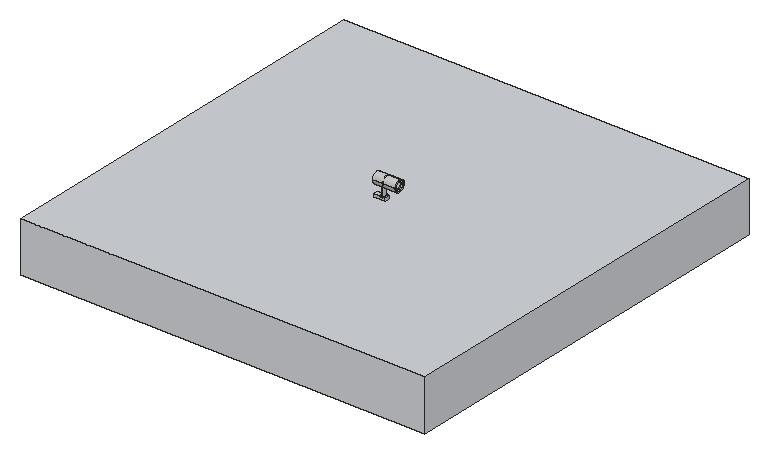
Revit family "LAMP_HANCE TRACK FLOOD", category Modelos genéricos, Revit 2015
Parameters (values of type "639LM 3000 BLACK")
  Weight = 0.47 kg
  Type = "COB PHILIPS"
  Total height = 190 mm
  Tilting angle [instance] = 90.00°
  Tilting [instance] = if(Tilting angle < 0.00°, 0.00°, if(Tilting angle > 90.00°, 90.00°, Tilting angle))  # 90.00°
  Rotation angle [instance] = 0.00°
  Rotation [instance] = if(Rotation angle < 0.00°, 90.00°, if(Rotation angle > 355.00°, 85.00°, Rotation angle + 90.00°))  # 90.00°
  Protection rating = "IP20"
  Profundidad tija = if(Longitud cuerpo = 210 mm, 18 mm, 8.2 mm)  # 8.2 mm
  Product datasheet = "http://www.lamp.es/product-files/TECH/HS1TK10FL830NBB-EN.pdf"
  Product code = "HS1TK10FL830NBB"
  Product URL = "http://www.lamp.es/en/family/hance_173901"
  Power Supply = "220-240V 50-60Hz"
  Power = 7 W
  Plum = 8.2 W
  Photometric web file = Cuerpo Hance TRACK FLOOD (tilting) : 639LM 3000 BLACK
  Modelo = Product code  # "HS1TK10FL830NBB"
  Model explanation = "Availability of tilting between 0º and 90º, rotation between 0º and 355º and change ring color when placed in a project."
  Material track = LAMP_Aluminio Hance Negro
  Material tija = LAMP_Aluminio Hance Negro
  Manufacturer name = "LAMP"
  Manufacturer country = "Spain"
  Manufacturer URL = "http://www.lamp.es/en"
  MacAdam = "3"
  Luminaire type = "Indoor - Spotlight"
  Longitud cuerpo = 135 mm
  Longitud aro = if(Longitud cuerpo = 135 mm, 63.6 mm, if(Longitud cuerpo = 170 mm, 98.6 mm, 138.6 mm))  # 63.6 mm
  Last update = "08/08/2018"
  Lamp = "COB LED"
  LED Lifetime = "50.000 L90 B10"
  Insulation class = "I"
  Installation instructions = "http://www.lamp.es/product-files/INS/1004280-A-INSTR.%20MONT%20HANCE%20TRACK220-SUR-REC.pdf"
  Initial intensity = 639 lm
  Initial color = 3000 K
  IEE = "A+"
  Gear = "Electronic"
  Finish = "Texturised black"
  Fabricante = Manufacturer name  # "LAMP"
  Default Elevation = 1219.2 mm
  Efficacy = 77.9 lm/W
  Diameter = 65 mm
  Descripción = "HANCE TRACK 220 1000 WW FL BK."
  Decorative ring [instance] = Aro decorativo (tilting) : Black
  Comentarios de tipo = Model explanation  # "Availability of tilting between 0º and 90º, rotation between 0º and 355º and change ring color when placed in a project."
  CRI = "80"
  Body height = 135 mm
  Angulo aro [instance] = if(Tilting = 90.00°, 90.00°, -Tilting + 180.00°)  # 90.00°
  Anchura tija = if(Longitud cuerpo = 210 mm, 28 mm, 23 mm)  # 23 mm
  Altura tija = if(Longitud cuerpo = 210 mm, 49 mm, 63 mm)  # 63 mm
Types (17, lengths in mm): name | Weight | Total height | Profundidad tija | Product datasheet | Product code | Power | Plum | Photometric web file | Modelo | Material track | Material tija | Longitud cuerpo | Longitud aro | LED Lifetime | Initial intensity | Initial color | IEE | Finish | Efficacy | Diameter | Descripción | Body height | Anchura tija | Altura tija
  (no name) | 0.47 kg | 190 | 8.2 | "http://www.lamp.es/product-files/TECH/HS1TK10FL830NBB-EN.pdf" | "HS1TK10FL830NBB" | 7 W | 8.2 W | Cuerpo Hance TRACK FLOOD (tilting) : 639LM 3000 BLACK | "HS1TK10FL830NBB" | LAMP_Aluminio Hance Negro | LAMP_Aluminio Hance Negro | 135 | 63.6 | "50.000 L90 B10" | 639 lm | 3000 K | "A+" | "Texturised black" | 77.9 lm/W | 65 | "HANCE TRACK 220 1000 WW FL BK." | 135 | 23 | 63
  639LM 3000 BLACK | 0.47 kg | 190 | 8.2 | "http://www.lamp.es/product-files/TECH/HS1TK10FL830NBB-EN.pdf" | "HS1TK10FL830NBB" | 7 W | 8.2 W | Cuerpo Hance TRACK FLOOD (tilting) : 639LM 3000 BLACK | "HS1TK10FL830NBB" | LAMP_Aluminio Hance Negro | LAMP_Aluminio Hance Negro | 135 | 63.6 | "50.000 L90 B10" | 639 lm | 3000 K | "A+" | "Texturised black" | 77.9 lm/W | 65 | "HANCE TRACK 220 1000 WW FL BK." | 135 | 23 | 63
  639LM 3000 WHITE | 0.47 kg | 190 | 8.2 | "http://www.lamp.es/product-files/TECH/HS1TK10FL830NBW-EN.pdf" | "HS1TK10FL830NBW" | 7 W | 8.2 W | Cuerpo Hance TRACK FLOOD (tilting) : 639LM 3000 WHITE | "HS1TK10FL830NBW" | LAMP_Aluminio Hance Blanco | LAMP_Aluminio Hance Blanco | 135 | 63.6 | "50.000 L90 B10" | 639 lm | 3000 K | "A+" | "Texturised matt white" | 77.9 lm/W | 65 | "HANCE TRACK 220 1000 WW FL WH." | 135 | 23 | 63
  675LM 4000 BLACK | 0.47 kg | 190 | 8.2 | "http://www.lamp.es/product-files/TECH/HS1TK10FL840NBB-EN.pdf" | "HS1TK10FL840NBB" | 7 W | 8.2 W | Cuerpo Hance TRACK FLOOD (tilting) : 675LM 4000 BLACK | "HS1TK10FL840NBB" | LAMP_Aluminio Hance Negro | LAMP_Aluminio Hance Negro | 135 | 63.6 | "50.000 L90 B10" | 675 lm | 4000 K | "A+" | "Texturised black" | 82.32 lm/W | 65 | "HANCE TRACK 220 1000 NW FL BK." | 135 | 23 | 63
  675LM 4000 WHITE | 0.47 kg | 190 | 8.2 | "http://www.lamp.es/product-files/TECH/HS1TK10FL840NBW-EN.pdf" | "HS1TK10FL840NBW" | 7 W | 8.2 W | Cuerpo Hance TRACK FLOOD (tilting) : 675LM 4000 WHITE | "HS1TK10FL840NBW" | LAMP_Aluminio Hance Blanco | LAMP_Aluminio Hance Blanco | 135 | 63.6 | "50.000 L90 B10" | 675 lm | 4000 K | "A+" | "Texturised matt white" | 82.32 lm/W | 65 | "HANCE TRACK 220 1000 NW FL WH." | 135 | 23 | 63
  1476LM 3000 BLACK | 0.65 kg | 225 | 8.2 | "http://www.lamp.es/product-files/TECH/HS1TK20FL830NBB-EN.pdf" | "HS1TK20FL830NBB" | 18 W | 21 W | Cuerpo Hance TRACK FLOOD (tilting) : 1476LM 3000 BLACK | "HS1TK20FL830NBB" | LAMP_Aluminio Hance Negro | LAMP_Aluminio Hance Negro | 170 | 98.6 | "50.000 L80 B10" | 1476 lm | 3000 K | "A" | "Texturised black" | 70.3 lm/W | 65 | "HANCE TRACK 220 2000 WW FL BK." | 170 | 23 | 63
  1476LM 3000 WHITE | 0.65 kg | 225 | 8.2 | "http://www.lamp.es/product-files/TECH/HS1TK20FL830NBW-EN.pdf" | "HS1TK20FL830NBW" | 18 W | 21 W | Cuerpo Hance TRACK FLOOD (tilting) : 1476LM 3000 WHITE | "HS1TK20FL830NBW" | LAMP_Aluminio Hance Blanco | LAMP_Aluminio Hance Blanco | 170 | 98.6 | "50.000 L80 B10" | 1476 lm | 3000 K | "A" | "Texturised matt white" | 70.3 lm/W | 65 | "HANCE TRACK 220 2000 WW FL WH." | 170 | 23 | 63
  1560LM 4000 BLACK | 0.65 kg | 225 | 8.2 | "http://www.lamp.es/product-files/TECH/HS1TK20FL840NBB-EN.pdf" | "HS1TK20FL840NBB\r\nHS1TK20FL840NBB" | 18 W | 21 W | Cuerpo Hance TRACK FLOOD (tilting) : 1560LM 4000 BLACK | "HS1TK20FL840NBB\r\nHS1TK20FL840NBB" | LAMP_Aluminio Hance Negro | LAMP_Aluminio Hance Negro | 170 | 98.6 | "50.000 L80 B10" | 1560 lm | 4000 K | "A" | "Texturised black" | 74.28 lm/W | 65 | "HANCE TRACK 220 2000 NW FL BK." | 170 | 23 | 63
  1560LM 4000 WHITE | 0.65 kg | 225 | 8.2 | "http://www.lamp.es/product-files/TECH/HS1TK20FL840NBW-EN.pdf" | "HS1TK20FL840NBW\r\nHS1TK20FL840NBB" | 18 W | 21 W | Cuerpo Hance TRACK FLOOD (tilting) : 1560LM 4000 WHITE | "HS1TK20FL840NBW\r\nHS1TK20FL840NBB" | LAMP_Aluminio Hance Blanco | LAMP_Aluminio Hance Blanco | 170 | 98.6 | "50.000 L80 B10" | 1560 lm | 4000 K | "A" | "Texturised matt white" | 74.28 lm/W | 65 | "HANCE TRACK 220 2000 NW FL WH." | 170 | 23 | 63
  2569LM 3000 BLACK | 1.35 kg | 266 | 18 | "http://www.lamp.es/product-files/TECH/HS1TK30FL830NBB-EN.pdf" | "HS1TK30FL830NBB" | 26 W | 28.6 W | Cuerpo Hance TRACK FLOOD (tilting) : 2569LM 3000 BLACK | "HS1TK30FL830NBB" | LAMP_Aluminio Hance Negro | LAMP_Aluminio Hance Negro | 210 | 138.6 | "50.000 L80 B10" | 2569 lm | 3000 K | "A+" | "Texturised black" | 89.83 lm/W | 90 | "HANCE TRACK 220 3000 WW FL BK." | 210 | 28 | 49
  2569LM 3000 WHITE | 1.35 kg | 266 | 18 | "http://www.lamp.es/product-files/TECH/HS1TK30FL830NBW-EN.pdf" | "HS1TK30FL830NBW" | 26 W | 28.6 W | Cuerpo Hance TRACK FLOOD (tilting) : 2569LM 3000 WHITE | "HS1TK30FL830NBW" | LAMP_Aluminio Hance Blanco | LAMP_Aluminio Hance Blanco | 210 | 138.6 | "50.000 L80 B10" | 2569 lm | 3000 K | "A+" | "Texturised matt white" | 89.83 lm/W | 90 | "HANCE TRACK 220 3000 WW FL WH." | 210 | 28 | 49
  2686LM 4000 BLACK | 1.35 kg | 266 | 18 | "http://www.lamp.es/product-files/TECH/HS1TK30FL840NBB-EN.pdf" | "HS1TK30FL840NBB" | 26 W | 28.6 W | Cuerpo Hance TRACK FLOOD (tilting) : 2686LM 4000 BLACK | "HS1TK30FL840NBB" | LAMP_Aluminio Hance Negro | LAMP_Aluminio Hance Negro | 210 | 138.6 | "50.000 L80 B10" | 2686 lm | 4000 K | "A+" | "Texturised black" | 93.92 lm/W | 90 | "HANCE TRACK 220 3000 NW FL BK." | 210 | 28 | 49
  2686LM 4000 WHITE | 1.35 kg | 266 | 18 | "http://www.lamp.es/product-files/TECH/HS1TK30FL840NBW-EN.pdf" | "HS1TK30FL840NBW" | 26 W | 28.6 W | Cuerpo Hance TRACK FLOOD (tilting) : 2686LM 4000 WHITE | "HS1TK30FL840NBW" | LAMP_Aluminio Hance Blanco | LAMP_Aluminio Hance Blanco | 210 | 138.6 | "50.000 L80 B10" | 2686 lm | 4000 K | "A+" | "Texturised matt white" | 93.92 lm/W | 90 | "HANCE TRACK 220 3000 NW FL WH." | 210 | 28 | 49
  3290LM 3000 BLACK | 1.35 kg | 266 | 18 | "http://www.lamp.es/product-files/TECH/HS1TK40FL830NBB-EN.pdf" | "HS1TK40FL830NBB" | 35 W | 39.5 W | Cuerpo Hance TRACK FLOOD (tilting) : 3290LM 3000 BLACK | "HS1TK40FL830NBB" | LAMP_Aluminio Hance Negro | LAMP_Aluminio Hance Negro | 210 | 138.6 | "50.000 L80 B10" | 3290 lm | 3000 K | "A+" | "Texturised black" | 83.3 lm/W | 90 | "HANCE TRACK 220 4000 WW FL BK." | 210 | 28 | 49
  3290LM 3000 WHITE | 1.35 kg | 266 | 18 | "http://www.lamp.es/product-files/TECH/HS1TK40FL830NBW-EN.pdf" | "HS1TK40FL830NBW" | 35 W | 39.5 W | Cuerpo Hance TRACK FLOOD (tilting) : 3290LM 3000 WHITE | "HS1TK40FL830NBW" | LAMP_Aluminio Hance Blanco | LAMP_Aluminio Hance Blanco | 210 | 138.6 | "50.000 L80 B10" | 3290 lm | 3000 K | "A+" | "Texturised matt white" | 83.3 lm/W | 90 | "HANCE TRACK 220 4000 WW FL WH." | 210 | 28 | 49
  3426LM 4000 BLACK | 1.35 kg | 266 | 18 | "http://www.lamp.es/product-files/TECH/HS1TK40FL840NBB-EN.pdf" | "HS1TK40FL840NBB" | 35 W | 39.5 W | Cuerpo Hance TRACK FLOOD (tilting) : 3426LM 4000 BLACK | "HS1TK40FL840NBB" | LAMP_Aluminio Hance Negro | LAMP_Aluminio Hance Negro | 210 | 138.6 | "50.000 L80 B10" | 3426 lm | 4000 K | "A+" | "Texturised black" | 86.73 lm/W | 90 | "HANCE TRACK 220 4000 NW FL BK." | 210 | 28 | 49
  3426LM 4000 WHITE | 1.35 kg | 266 | 18 | "http://www.lamp.es/product-files/TECH/HS1TK40FL840NBW-EN.pdf" | "HS1TK40FL840NBW" | 35 W | 39.5 W | Cuerpo Hance TRACK FLOOD (tilting) : 3426LM 4000 WHITE | "HS1TK40FL840NBW" | LAMP_Aluminio Hance Blanco | LAMP_Aluminio Hance Blanco | 210 | 138.6 | "50.000 L80 B10" | 3426 lm | 4000 K | "A+" | "Texturised matt white" | 86.73 lm/W | 90 | "HANCE TRACK 220 4000 NW FL WH." | 210 | 28 | 49
Reference planes
  plane 1 "Centro (Frontal/Posterior)": y = 0
  plane 2: z = 0
  plane 3 "Centro (Izquierda/Derecha)": x = 0
Forms (mm)
  Extrusion 1, solid
    sketch origin (0, 0, 0) x (1, 0, 0) y (0, 1, 0)
      loop
        line (-1219.2, 1219.2) -> (-1219.2, -1219.2) -> (1219.2, -1219.2) -> (1219.2, 1219.2) -> (-1219.2, 1219.2)
    from 0 to -304.8
  Extrusion 2, solid, material "LAMP_Aluminio Hance Negro" <- "Material track"
    sketch origin (-17.6, 0, 0) x (1, 0, 0) y (0, 1, 0)
      loop
        arc (-31.129, 16) -> (-35, 0) -> (-31.129, -16) r 35
        line (-31.129, -16) -> (31.129, -16)
        arc (31.129, -16) -> (35, 0) -> (31.129, 16) r 35
        line (31.129, 16) -> (-31.129, 16)
    from -26 to 14
  Extrusion 3, void
    sketch origin (0, 0, 0) x (0, 1, 0) y (0, 0, 1)
      loop
        line (17, 0) -> (7, 0) -> (7, -25) -> (-7, -25) -> (-7, 0) -> (-17, 0) -> (-17, -26) -> (17, -26) -> (17, 0)
    from -55.461 to 19.43
  Extrusion 4, void
    sketch origin (-17.6, 0, 0) x (-1, 0, 0) y (0, -1, 0)
      loop
        circle (-17.6, 0) r 6.5
    from -7.7 to 14
  Extrusion 5, solid, material "LAMP_Aluminio Hance Negro" <- "Material track"
    sketch origin (0, 0, 0) x (1, 0, 0) y (0, 1, 0)
      loop
        circle (-1, 0) r 15.5
    from 14 to 18
Cuts and joins
  Extrusion 3, Extrusion 4 cuts Extrusion 2
Lines and regions (mm)
  reference lines
    curve 1: line (0, 0, 0) -> (50, 0, 0)
Text (mm)
  text "Any modification of the parameters and properties of the LAMP BIM models must be executed and validated by the LAMP technical department.\n\nPhone: +34 93 736 68 00\n\nE-mail: lamp@lamp.es\n\n\n\nLAMP reserves the right to modify the technical specifications of its products." at (-21906.375, 14253.211, -4404.018), in view "Preview"
Dimensions and locks
  "Rotation": angle curve 1 to plane 3 "Centro (Izquierda/Derecha)"
  aligned and locked: plane 2 to Extrusion 1
  aligned and locked: level to Extrusion 1
  aligned and locked: plane 3 "Centro (Izquierda/Derecha)" to curve 1
  aligned and locked: plane 1 "Centro (Frontal/Posterior)" to curve 1
Automatic sketch dimensions
  Extrusion 1 sketch curve to Extrusion 1 sketch curve = 2438.4 mm  (x2)
  Extrusion 2 sketch curve to Extrusion 2 sketch curve = 0 mm  (x2)
  plane 1 "Centro (Frontal/Posterior)" to Extrusion 2 sketch curve = 0 mm
  Extrusion 2 sketch curve to plane 1 "Centro (Frontal/Posterior)" = 16 mm
  Extrusion 2 sketch curve to plane 3 "Centro (Izquierda/Derecha)" = 48.729 mm
  plane 1 "Centro (Frontal/Posterior)" to Extrusion 2 sketch curve = 16 mm
  Extrusion 2 sketch curve to plane 3 "Centro (Izquierda/Derecha)" = 17.6 mm
  plane 3 "Centro (Izquierda/Derecha)" to Extrusion 2 sketch curve = 13.529 mm
  Extrusion 3 sketch curve to level = 0 mm  (x2)
  plane 1 "Centro (Frontal/Posterior)" to Extrusion 3 sketch curve = 17 mm
  plane 1 "Centro (Frontal/Posterior)" to Extrusion 3 sketch curve = 7 mm
  Extrusion 3 sketch curve to plane 1 "Centro (Frontal/Posterior)" = 7 mm
  Extrusion 3 sketch curve to Extrusion 3 sketch curve = 10 mm
  Extrusion 3 sketch curve to Extrusion 3 sketch curve = 25 mm
  Extrusion 3 sketch curve to Extrusion 3 sketch curve = 1 mm
  plane 1 "Centro (Frontal/Posterior)" to Extrusion 4 sketch curve = 0 mm
  Extrusion 4 sketch curve to plane 3 "Centro (Izquierda/Derecha)" = 0 mm
  Extrusion 5 sketch curve to curve 1 = 0 mm
  Extrusion 5 sketch curve to curve 1 = 1 mm
  radius of Extrusion 4 sketch curve = 6.5 mm
  radius of Extrusion 5 sketch curve = 15.5 mm
Nested families
  nested 1: "Aro decorativo (tilting)" at (-0.5, 0, 73.163) x (1, 0, 0) z (0, 0, -1), type <- "Decorative ring", type "Black"
  nested 2: "Tija track" at (1, 0, 18), type "Tija track"
  nested 3: "Cuerpo Hance TRACK FLOOD (tilting)" at (-0.525, 0, 73.145) x (1, 0, 0) z (0, 0, -1), type <- "Photometric web file", type "639LM 3000 BLACK"
Connectors
  electrical at (-17.6, 0, -25)
    settings: on cut or joined group of Extrusion 2, Extrusion 3, Extrusion 4, index 1, voltage 0 V, apparent load 0 VA, apparent load phase1 230 VA, apparent load phase2 0 VA, apparent load phase3 0 VA, power factor 1, load classification "Otro", number of poles 1, system type 31, power factor state 1, is connector primary yes, connector utility no, sub classification motor no, connector description ""
Definition of nested family "Aro decorativo (tilting)"
  Parameters (values of type "Copper")
    Weight (3000/4000) = 0.016 kg
    Weight (1000/2000) = 0.01 kg
    Tilting = 90.00°
    Product datasheet = ""
    Product code (3000/4000) = "HSRI90C"
    Product code (1000/2000) = "HSRI65C"
    Product URL = ""
    Model = ""
    Material aro = none
    Manufacturer name = "LAMP"
    Manufacturer country = "Spain"
    Manufacturer URL = "http://www.lamp.es/en"
    Longitud = 63.6 mm
    Last update = "21/05/2018"
    Installation instructions = ""
    Finish = "Metalized matt copper"
    Manufacturer = Manufacturer name  # "LAMP"
    Default Elevation = 1219.2 mm
    Diameter (3000/4000) = 90 mm
    Diameter (1000/2000) = 65 mm
    Description = ""
    Accessory Type = "Optic"
    3000/4000 Model = "HSRI90C"
    3000/4000 Description = "HANCE 3000/4000 ACC. RING DECO CO."
    1000/2000 Model = "HSRI65C"
    1000/2000 Description = "HANCE 1000/2000 ACC. RING DECO CO."
  Types (5, lengths in mm): name | Product code (3000/4000) | Product code (1000/2000) | Finish | 3000/4000 Model | 3000/4000 Description | 1000/2000 Model | 1000/2000 Description
    (no name) | "HSRI90C" | "HSRI65C" | "Metalized matt copper" | "HSRI90C" | "HANCE 3000/4000 ACC. RING DECO CO." | "HSRI65C" | "HANCE 1000/2000 ACC. RING DECO CO."
    Black | "HSRI90B" | "HSRI65B" | "Matt black" | "HSRI90B" | "HANCE 3000/4000 ACC. RING DECO BK." | "HSRI65B" | "HANCE 1000/2000 ACC. RING DECO BK."
    Copper | "HSRI90C" | "HSRI65C" | "Metalized matt copper" | "HSRI90C" | "HANCE 3000/4000 ACC. RING DECO CO." | "HSRI65C" | "HANCE 1000/2000 ACC. RING DECO CO."
    Grey | "HSRI90M" | "HSRI65M" | "Metalized matt silver" | "HSRI90M" | "HANCE 3000/4000 ACC. RING DECO MET." | "HSRI65M" | "HANCE 1000/2000 ACC. RING DECO MET."
    White | "HSRI90W" | "HSRI65W" | "Matt White" | "HSRI90W" | "HANCE 3000/4000 ACC. RING DECO WH." | "HSRI65W" | "HANCE 1000/2000 ACC. RING DECO WH."
  Reference planes
    plane 1 "Centro (Frontal/Posterior)": y = 0
    plane 2: z = 0
    plane 3 "Centro (Izquierda/Derecha)": x = 0
  Lines and regions (mm)
    reference lines
      curve 1: line (0, 0, 0) -> (0, 0, -27.9)
      curve 2: line (0, 0, -27.9) -> (80.8, 0, -27.9)
  Text (mm)
    text "Any modification of the parameters and properties of the LAMP BIM models must be executed and validated by the LAMP technical department.\n\nPhone: +34 93 736 68 00\n\nE-mail: lamp@lamp.es\n\n\n\nLAMP reserves the right to modify the technical specifications of its products." at (86527.204, -96597.187, 50741.736), in view "Preview"
  Dimensions and locks
    "Tilting": angle curve 1 to plane 2
    aligned and locked: level to plane 2
    aligned and locked: plane 3 "Centro (Izquierda/Derecha)" to curve 1
    aligned and locked: plane 2 to curve 1
  Automatic sketch dimensions
    curve 2 to curve 1 = 0 mm
    curve 1 to curve 2 = 0 mm
    curve 1 to curve 2 = 80.8 mm
  Nested families
    nested 1: "Aro decorativo" at (17.2, 0, 0), type "Copper"
  Definition of nested family "Aro decorativo"
    Parameters (values of type "Copper")
      Weight (3000/4000) = 0.016 kg
      Weight (1000/2000) = 0.01 kg
      Product datasheet = ""
      Product code (3000/4000) = "HSRI90C"
      Product code (1000/2000) = "HSRI65C"
      Product URL = ""
      Model = ""
      Material aro = none
      Manufacturer name = "LAMP"
      Manufacturer country = "Spain"
      Manufacturer URL = "http://www.lamp.es/en"
      Longitud = 63.6 mm
      Last update = "21/05/2018"
      Installation instructions = ""
      Finish = "Metalized matt copper"
      Manufacturer = Manufacturer name  # "LAMP"
      Default Elevation = 1219.2 mm
      Diametro vaciado aro interior = if(Diametro aro interior = 35.4 mm, 34.4 mm, 21.9 mm)  # 21.9 mm
      Diametro vaciado aro exterior = if(Diametro aro exterior = 42.9 mm, 41.9 mm, 29.4 mm)  # 29.4 mm
      Diametro aro interior = if(Diametro aro exterior = 42.9 mm, 35.4 mm, 22.9 mm)  # 22.9 mm
      Diametro aro exterior = if(Longitud = 138.6 mm, 42.9 mm, 30.4 mm)  # 30.4 mm
      Diameter (3000/4000) = 90 mm
      Diameter (1000/2000) = 65 mm
      Description = ""
      Accessory Type = "Optic"
      3000/4000 Model = "HSRI90C"
      3000/4000 Description = "HANCE 3000/4000 ACC. RING DECO CO."
      1000/2000 Description = "HANCE 1000/2000 ACC. RING DECO CO."
      1000/2000 Model = "HSRI65C"
    Types (5, lengths in mm): name | Product code (3000/4000) | Product code (1000/2000) | Finish | 3000/4000 Model | 3000/4000 Description | 1000/2000 Description | 1000/2000 Model
      (no name) | "HSRI90C" | "HSRI65C" | "Metalized matt copper" | "HSRI90C" | "HANCE 3000/4000 ACC. RING DECO CO." | "HANCE 1000/2000 ACC. RING DECO CO." | "HSRI65C"
      Black | "HSRI90B" | "HSRI65B" | "Matt black" | "HSRI90B" | "HANCE 3000/4000 ACC. RING DECO BK." | "HANCE 1000/2000 ACC. RING DECO BK." | "HSRI65B"
      Copper | "HSRI90C" | "HSRI65C" | "Metalized matt copper" | "HSRI90C" | "HANCE 3000/4000 ACC. RING DECO CO." | "HANCE 1000/2000 ACC. RING DECO CO." | "HSRI65C"
      Grey | "HSRI90M" | "HSRI65M" | "Metalized matt silver" | "HSRI90M" | "HANCE 3000/4000 ACC. RING DECO MET." | "HANCE 1000/2000 ACC. RING DECO MET." | "HSRI65M"
      White | "HSRI90W" | "HSRI65W" | "Matt white" | "HSRI90W" | "HANCE 3000/4000 ACC. RING DECO WH." | "HANCE 1000/2000 ACC. RING DECO WH." | "HSRI65W"
    Reference planes
      plane 1 "Centro (Frontal/Posterior)": y = 0
      plane 2: z = 0
      plane 3 "Centro (Izquierda/Derecha)": x = 0
    Forms (mm)
      Revolve 1, solid, material <- "Material aro"
        sketch origin (0, 0, -27.9) x (1, 0, 0) y (0, 0, 1)
          loop
            line (63.6, 0) -> (73.782, 0) -> (73.782, 30.4) -> (63.6, 22.9) -> (63.6, 0)
          axis (73.782, 0) -> (63.6, 0)
        angle from 0 to 360
      Revolve 2, void
        sketch origin (0, 0, -27.9) x (1, 0, 0) y (0, 0, 1)
          loop
            line (73.782, 29.4) -> (63.6, 21.9) -> (63.6, 0) -> (73.782, 0) -> (73.782, 29.4)
          axis (63.6, 0) -> (73.782, 0)
        angle from 0 to 360
    Cuts and joins
      Revolve 2 cuts Revolve 1
    Lines and regions (mm)
      reference lines
        curve 1: line (0, 0, -27.9) -> (63.6, 0, -27.9)
    Text (mm)
      text "Any modification of the parameters and properties of the LAMP BIM models must be executed and validated by the LAMP technical department.\n\nPhone: +34 93 736 68 00\n\nE-mail: lamp@lamp.es\n\n\n\nLAMP reserves the right to modify the technical specifications of its products." at (91886.357, -93022.329, 47898.266), in view "Preview"
    Dimensions and locks
      "Diametro aro exterior": Revolve 1 sketch curve to Revolve 1 sketch curve
      "Diametro vaciado aro exterior": Revolve 2 sketch curve to Revolve 2 sketch curve
      "Longitud": curve 1 to plane 3 "Centro (Izquierda/Derecha)"
      "Diametro aro interior": Revolve 1 sketch curve to Revolve 1 sketch curve
      "Diametro vaciado aro interior": Revolve 2 sketch curve to Revolve 2 sketch curve
      aligned and locked: level to plane 2
    Automatic sketch dimensions
      Revolve 1 sketch curve to curve 1 = 0 mm  (x4)
      curve 1 to Revolve 1 sketch curve = 10.182 mm
      Revolve 1 sketch curve to Revolve 1 sketch curve = 0 mm
      Revolve 2 sketch curve to curve 1 = 0 mm  (x3)
      curve 1 to Revolve 2 sketch curve = 10.182 mm
      Revolve 2 sketch curve to curve 1 = 1261.008 mm
      Revolve 2 sketch curve to Revolve 2 sketch curve = 1898.983 mm
      curve 1 to plane 3 "Centro (Izquierda/Derecha)" = 0 mm
      curve 1 to level = 27.9 mm
Definition of nested family "Tija track"
  Parameters (values of type "Tija track")
    Profundidad tija = 8.2 mm
    Material tija = none
    Default Elevation = 1219.2 mm
    Anchura tija = 23 mm
    Profundo vaciado = if(Profundidad tija = 18 mm, 10.8 mm, 1 mm)  # 1 mm
    Ancho vaciado = Anchura tija  # 23 mm
    Altura tija = 63 mm
  Reference planes
    plane 1 "Centro (Frontal/Posterior)": y = 0
    plane 2: z = 0
    plane 3 "Centro (Izquierda/Derecha)": x = 0
  Forms (mm)
    Extrusion 1, solid
      sketch origin (0, 0, 0) x (1, 0, 0) y (0, 1, 0)
        loop
          line (-1219.2, 1219.2) -> (-1219.2, -1219.2) -> (1219.2, -1219.2) -> (1219.2, 1219.2) -> (-1219.2, 1219.2)
      from 0 to -304.8
    Extrusion 2, solid, material <- "Material tija"
      sketch origin (0, 0, -18) x (1, 0, 0) y (0, 0, 1)
        loop
          line (4.1, 18) -> (4.1, 81) -> (-6.297, 81)
          arc (-6.297, 81) -> (-12.297, 75) -> (-6.297, 69) r 6
          line (-6.297, 69) -> (-4.1, 69) -> (-4.1, 18) -> (4.1, 18)
      from -11.5 to 11.5
    Extrusion 3, void
      sketch origin (0, 0, -20) x (-1, 0, 0) y (0, 0, 1)
        loop
          circle (7.297, 77) r 3
        loop
          circle (7.297, 63) r 3
      from -17.317 to 15.502
    Extrusion 4, void
      sketch origin (1, -11.5, 0) x (-1, 0, 0) y (0, 1, 0)
        loop
          line (0, 23) -> (-38.141, 23) -> (-38.141, 0) -> (0, 0)
          arc (0, 0) -> (-1.663, 11.5) -> (0, 23) r 40.6
      from -63 to 0
  Cuts and joins
    Extrusion 3, Extrusion 4 cuts Extrusion 2
  Lines and regions (mm)
    reference lines
      curve 1: line (1, -11.5, 0) -> (1, 11.5, 0)
  Dimensions and locks
    equal spacing: cut or joined group of Extrusion 2, Extrusion 3, Extrusion 4, plane 1 "Centro (Frontal/Posterior)", cut or joined group of Extrusion 2, Extrusion 3, Extrusion 4
    "Anchura tija": cut or joined group of Extrusion 2, Extrusion 3, Extrusion 4 to cut or joined group of Extrusion 2, Extrusion 3, Extrusion 4
    plane 1 "Centro (Frontal/Posterior)" to Extrusion 4 sketch curve = 11.5 mm
    "Altura tija": Extrusion 2 sketch curve to Extrusion 2 sketch curve
    "Profundidad tija": cut or joined group of Extrusion 2, Extrusion 3, Extrusion 4 to cut or joined group of Extrusion 2, Extrusion 3, Extrusion 4
    locked: cut or joined group of Extrusion 2, Extrusion 3, Extrusion 4 to plane 3 "Centro (Izquierda/Derecha)" at 4.1
    locked: plane 3 "Centro (Izquierda/Derecha)" to Extrusion 4 sketch curve at 39.141
    "Profundo vaciado": plane 3 "Centro (Izquierda/Derecha)" to curve 1
    "Ancho vaciado": Extrusion 4 sketch curve to Extrusion 4 sketch curve
    equal spacing: Extrusion 4 sketch curve, plane 1 "Centro (Frontal/Posterior)", Extrusion 4 sketch curve
    aligned and locked: plane 2 to Extrusion 1
    aligned and locked: level to Extrusion 1
  Automatic sketch dimensions
    Extrusion 1 sketch curve to Extrusion 1 sketch curve = 2438.4 mm  (x2)
    Extrusion 3 sketch curve to plane 3 "Centro (Izquierda/Derecha)" = 7.297 mm  (x2)
    level to Extrusion 3 sketch curve = 43 mm
    Extrusion 3 sketch curve to Extrusion 3 sketch curve = 14 mm
    Extrusion 2 sketch curve to level = 0 mm
    Extrusion 2 sketch curve to plane 3 "Centro (Izquierda/Derecha)" = 6.297 mm
    Extrusion 2 sketch curve to Extrusion 2 sketch curve = 2.197 mm
    plane 3 "Centro (Izquierda/Derecha)" to Extrusion 2 sketch curve = 4.1 mm
    Extrusion 2 sketch curve to Extrusion 2 sketch curve = 12 mm
    plane 1 "Centro (Frontal/Posterior)" to curve 1 = 11.5 mm
    curve 1 to plane 1 "Centro (Frontal/Posterior)" = 11.5 mm
    Extrusion 4 sketch curve to curve 1 = 0 mm  (x2)
    curve 1 to Extrusion 4 sketch curve = 38.937 mm
    radius of Extrusion 3 sketch curve = 3 mm  (x2)
Definition of nested family "Cuerpo Hance TRACK FLOOD (tilting)"
  Parameters (values of type "639LM 3000 BLACK")
    Tilting = 90.00°
    Photometric web file = Cuerpo Hance TRACK FLOOD : 639LM 3000 BLACK
    Longitud cuerpo = 135 mm
    Default Elevation = 1219.2 mm
  Types (17, lengths in mm): name | Photometric web file | Longitud cuerpo
    (no name) | Cuerpo Hance TRACK FLOOD : 639LM 3000 BLACK | 135
    639LM 3000 BLACK | Cuerpo Hance TRACK FLOOD : 639LM 3000 BLACK | 135
    639LM 3000 WHITE | Cuerpo Hance TRACK FLOOD : 639LM 3000 WHITE | 135
    675LM 4000 BLACK | Cuerpo Hance TRACK FLOOD : 675LM 4000 BLACK | 135
    675LM 4000 WHITE | Cuerpo Hance TRACK FLOOD : 675LM 4000 WHITE | 135
    1476LM 3000 BLACK | Cuerpo Hance TRACK FLOOD : 1476LM 3000 BLACK | 170
    1476LM 3000 WHITE | Cuerpo Hance TRACK FLOOD : 1476LM 3000 WHITE | 170
    1560LM 4000 BLACK | Cuerpo Hance TRACK FLOOD : 1560LM 4000 BLACK | 170
    1560LM 4000 WHITE | Cuerpo Hance TRACK FLOOD : 1560LM 4000 WHITE | 170
    2569LM 3000 BLACK | Cuerpo Hance TRACK FLOOD : 2569LM 3000 BLACK | 210
    2569LM 3000 WHITE | Cuerpo Hance TRACK FLOOD : 2569LM 3000 WHITE | 210
    2686LM 4000 BLACK | Cuerpo Hance TRACK FLOOD : 2686LM 4000 BLACK | 210
    2686LM 4000 WHITE | Cuerpo Hance TRACK FLOOD : 2686LM 4000 WHITE | 210
    3290LM 3000 BLACK | Cuerpo Hance TRACK FLOOD : 3290LM 3000 BLACK | 210
    3290LM 3000 WHITE | Cuerpo Hance TRACK FLOOD : 3290LM 3000 WHITE | 210
    3426LM 4000 BLACK | Cuerpo Hance TRACK FLOOD : 3426LM 4000 BLACK | 210
    3426LM 4000 WHITE | Cuerpo Hance TRACK FLOOD : 3426LM 4000 WHITE | 210
  Reference planes
    plane 1 "Centro (Frontal/Posterior)": y = 0
    plane 2: z = 0
    plane 3 "Centro (Izquierda/Derecha)": x = 0
  Lines and regions (mm)
    reference lines
      curve 1: line (0, 0, 0) -> (200, 0, 0)
  Dimensions and locks
    "Tilting": angle plane 3 "Centro (Izquierda/Derecha)" to curve 1
    aligned and locked: level to plane 2
    aligned and locked: plane 3 "Centro (Izquierda/Derecha)" to curve 1
    aligned and locked: plane 2 to curve 1
  Nested families
    nested 1: "Cuerpo Hance TRACK FLOOD" at (0, 0, 0), type <- "Photometric web file", type "639LM 3000 BLACK"
  Definition of nested family "Cuerpo Hance TRACK FLOOD"
    Parameters (values of type "639LM 3000 BLACK")
      Tilt Angle = 90.00° + Tilting  # 180.00°
      Wattage = 8.2 W
      Tilting = 90.00°
      built-in parameter 1150107 = 3000 (stored number, unit not read)
      Radio vacio posterior = Radio cuerpo - 2.2 mm  # 30.3 mm
      Radio vaciado = Radio cuerpo - 1.5 mm  # 31 mm
      Radio cuerpo = if(Longitud cuerpo = 210 mm, 45 mm, 32.5 mm)  # 32.5 mm
      built-in parameter 1150110 = 1 (stored number, unit not read)
      built-in parameter 1150109 = 1 (stored number, unit not read)
      built-in parameter 1150112 = 1 (stored number, unit not read)
      built-in parameter 1150113 = 1 (stored number, unit not read)
      built-in parameter 1114218 = 1 (stored number, unit not read)
      built-in parameter 1150137 = (empty or 0)
      built-in parameter 1150132 = 2
      Material reflector = none
      Material cuerpo = none
      Material COB = none
      Longitud cuerpo = 135 mm
      Long. origen luz = if(Longitud cuerpo = 135 mm, 20 mm, if(Longitud cuerpo = 170 mm, 55 mm, 90 mm))  # 20 mm
      L_3 = if(Ancho disipador posterior = 80.4 mm, 39.6 mm, 12 mm)  # 12 mm
      L_2 = if(Ancho disipador posterior = 80.4 mm, 36.3 mm, 22.6 mm)  # 22.6 mm
      L_1 = if(Ancho disipador posterior = 80.4 mm, 36.8 mm, 25.4 mm)  # 25.4 mm
      built-in parameter 1150105 = 11148.3 (stored number, unit not read)
      built-in parameter 1150102 = (empty or 0)
      built-in parameter 1150106 = 111.48 (stored number, unit not read)
      Lumens = 638.78 lm
      Color Filter = 16777215
      built-in parameter 1114217 = 1 (stored number, unit not read)
      built-in parameter 1150139 = (empty or 0)
      Default Elevation = 1219.2 mm
      built-in parameter 1150104 = 7.2371 (stored number, unit not read)
      Efficacy = 77.9 lm/W
      Diametro aro = if(Radio cuerpo = 45 mm, 42.9 mm, 30.4 mm)  # 30.4 mm
      built-in parameter 1150115 = 1 (stored number, unit not read)
      built-in parameter 1150114 = 1 (stored number, unit not read)
      built-in parameter 1150138 = (empty or 0)
      built-in parameter 1150134 = (empty or 0)
      Dimming Lamp Color Temperature Shift = (empty or 0)
      Photometric Web File = "HS1TK10FL830NBB.IES"
      Ancho vaciado reflector = if(Radio cuerpo = 45 mm, 34.4 mm, 21.9 mm)  # 21.9 mm
      Ancho reflector = if(Radio cuerpo = 45 mm, 35.4 mm, 22.9 mm)  # 22.9 mm
      Ancho disipador posterior = if(Radio cuerpo = 32.5 mm, 53 mm, 80.4 mm)  # 53 mm
      built-in parameter 1150133 = 10 (stored number, unit not read)
      Altura disipador superior = if(Radio cuerpo = 45 mm, 23.9 mm, 36.9 mm)  # 36.9 mm
      Ancho disipador superior = if(Radio cuerpo = 45 mm, 28 mm, 22.6 mm)  # 22.6 mm
    Types (16, lengths in mm): name | Wattage | built-in parameter 1150107 | Radio vacio posterior | Radio vaciado | Radio cuerpo | Longitud cuerpo | Long. origen luz | L_3 | L_2 | L_1 | built-in parameter 1150105 | built-in parameter 1150106 | Lumens | built-in parameter 1150104 | Efficacy | Diametro aro | built-in parameter 1150134 | Photometric Web File | Ancho vaciado reflector | Ancho reflector | Ancho disipador posterior | Altura disipador superior | Ancho disipador superior
      639LM 3000 BLACK | 8.2 W | 3000 (stored number, unit not read) | 30.3 | 31 | 32.5 | 135 | 20 | 12 | 22.6 | 25.4 | 11148.3 (stored number, unit not read) | 111.48 (stored number, unit not read) | 638.78 lm | 7.2371 (stored number, unit not read) | 77.9 lm/W | 30.4 | (empty or 0) | "HS1TK10FL830NBB.IES" | 21.9 | 22.9 | 53 | 36.9 | 22.6
      639LM 3000 WHITE | 8.2 W | 3000 (stored number, unit not read) | 30.3 | 31 | 32.5 | 135 | 20 | 12 | 22.6 | 25.4 | 11148.3 (stored number, unit not read) | 111.48 (stored number, unit not read) | 638.78 lm | 7.2371 (stored number, unit not read) | 77.9 lm/W | 30.4 | (empty or 0) | "HS1TK10FL830NBW.IES" | 21.9 | 22.9 | 53 | 36.9 | 22.6
      675LM 4000 BLACK | 8.2 W | 4000 (stored number, unit not read) | 30.3 | 31 | 32.5 | 135 | 20 | 12 | 22.6 | 25.4 | 1291.7 (stored number, unit not read) | 12.917 (stored number, unit not read) | 675.024 lm | 7.6478 (stored number, unit not read) | 82.32 lm/W | 30.4 | 12 | "HS1TK10FL840NBB.IES" | 21.9 | 22.9 | 53 | 36.9 | 22.6
      675LM 4000 WHITE | 8.2 W | 4000 (stored number, unit not read) | 30.3 | 31 | 32.5 | 135 | 20 | 12 | 22.6 | 25.4 | 1291.7 (stored number, unit not read) | 12.917 (stored number, unit not read) | 675.024 lm | 7.6478 (stored number, unit not read) | 82.32 lm/W | 30.4 | 12 | "HS1TK10FL840NBW.IES" | 21.9 | 22.9 | 53 | 36.9 | 22.6
      1476LM 3000 BLACK | 21 W | 3000 (stored number, unit not read) | 30.3 | 31 | 32.5 | 170 | 55 | 12 | 22.6 | 25.4 | 2825.1 (stored number, unit not read) | 28.251 (stored number, unit not read) | 1476.3 lm | 6.5311 (stored number, unit not read) | 70.3 lm/W | 30.4 | (empty or 0) | "HS1TK20FL830NBB.IES" | 21.9 | 22.9 | 53 | 36.9 | 22.6
      1476LM 3000 WHITE | 21 W | 3000 (stored number, unit not read) | 30.3 | 31 | 32.5 | 170 | 55 | 12 | 22.6 | 25.4 | 2825.1 (stored number, unit not read) | 28.251 (stored number, unit not read) | 1476.3 lm | 6.5311 (stored number, unit not read) | 70.3 lm/W | 30.4 | (empty or 0) | "HS1TK20FL830NBW.IES" | 21.9 | 22.9 | 53 | 36.9 | 22.6
      1560LM 4000 BLACK | 21 W | 4000 (stored number, unit not read) | 30.3 | 31 | 32.5 | 170 | 55 | 12 | 22.6 | 25.4 | 3095.6 (stored number, unit not read) | 30.956 (stored number, unit not read) | 1559.88 lm | 6.9008 (stored number, unit not read) | 74.28 lm/W | 30.4 | 12 | "HS1TK20FL840NBB.IES" | 21.9 | 22.9 | 53 | 36.9 | 22.6
      1560LM 4000 WHITE | 21 W | 4000 (stored number, unit not read) | 30.3 | 31 | 32.5 | 170 | 55 | 12 | 22.6 | 25.4 | 3095.6 (stored number, unit not read) | 30.956 (stored number, unit not read) | 1559.88 lm | 6.9008 (stored number, unit not read) | 74.28 lm/W | 30.4 | 12 | "HS1TK20FL840NBW.IES" | 21.9 | 22.9 | 53 | 36.9 | 22.6
      2569LM 3000 BLACK | 28.6 W | 3000 (stored number, unit not read) | 42.8 | 43.5 | 45 | 210 | 90 | 39.6 | 36.3 | 36.8 | 5098.4 (stored number, unit not read) | 50.984 (stored number, unit not read) | 2569.14 lm | 8.3455 (stored number, unit not read) | 89.83 lm/W | 42.9 | (empty or 0) | "HS1TK30FL830NBB.IES" | 34.4 | 35.4 | 80.4 | 23.9 | 28
      2569LM 3000 WHITE | 28.6 W | 3000 (stored number, unit not read) | 42.8 | 43.5 | 45 | 210 | 90 | 39.6 | 36.3 | 36.8 | 5098.4 (stored number, unit not read) | 50.984 (stored number, unit not read) | 2569.14 lm | 8.3455 (stored number, unit not read) | 89.83 lm/W | 42.9 | (empty or 0) | "HS1TK30FL830NBW.IES" | 34.4 | 35.4 | 80.4 | 23.9 | 28
      2686LM 4000 BLACK | 28.6 W | 4000 (stored number, unit not read) | 42.8 | 43.5 | 45 | 210 | 90 | 39.6 | 36.3 | 36.8 | 7539.9 (stored number, unit not read) | 75.399 (stored number, unit not read) | 2686.11 lm | 8.7255 (stored number, unit not read) | 89.83 lm/W | 42.9 | 12 | "HS1TK30FL840NBB.IES" | 34.4 | 35.4 | 80.4 | 23.9 | 28
      2686LM 4000 WHITE | 28.6 W | 4000 (stored number, unit not read) | 42.8 | 43.5 | 45 | 210 | 90 | 39.6 | 36.3 | 36.8 | 7539.9 (stored number, unit not read) | 75.399 (stored number, unit not read) | 2686.11 lm | 8.7255 (stored number, unit not read) | 89.83 lm/W | 42.9 | 12 | "HS1TK30FL840NBW.IES" | 34.4 | 35.4 | 80.4 | 23.9 | 28
      3290LM 3000 BLACK | 39.5 W | 3000 (stored number, unit not read) | 42.8 | 43.5 | 45 | 210 | 90 | 39.6 | 36.3 | 36.8 | 9236 (stored number, unit not read) | 92.36 (stored number, unit not read) | 3290.35 lm | 7.7388 (stored number, unit not read) | 83.3 lm/W | 42.9 | (empty or 0) | "HS1TK40FL830NBB.IES" | 34.4 | 35.4 | 80.4 | 23.9 | 28
      3290LM 3000 WHITE | 39.5 W | 3000 (stored number, unit not read) | 42.8 | 43.5 | 45 | 210 | 90 | 39.6 | 36.3 | 36.8 | 9236 (stored number, unit not read) | 92.36 (stored number, unit not read) | 3290.35 lm | 7.7388 (stored number, unit not read) | 83.3 lm/W | 42.9 | (empty or 0) | "HS1TK40FL830NBW.IES" | 34.4 | 35.4 | 80.4 | 23.9 | 28
      3426LM 4000 BLACK | 39.5 W | 4000 (stored number, unit not read) | 42.8 | 43.5 | 45 | 210 | 90 | 39.6 | 36.3 | 36.8 | 8759.9 (stored number, unit not read) | 87.599 (stored number, unit not read) | 3425.84 lm | 8.0575 (stored number, unit not read) | 86.73 lm/W | 42.9 | 12 | "HS1TK40FL840NBB.IES" | 34.4 | 35.4 | 80.4 | 23.9 | 28
      3426LM 4000 WHITE | 39.5 W | 4000 (stored number, unit not read) | 42.8 | 43.5 | 45 | 210 | 90 | 39.6 | 36.3 | 36.8 | 8759.9 (stored number, unit not read) | 87.599 (stored number, unit not read) | 3425.84 lm | 8.0575 (stored number, unit not read) | 86.73 lm/W | 42.9 | 12 | "HS1TK40FL840NBW.IES" | 34.4 | 35.4 | 80.4 | 23.9 | 28
    Reference planes
      plane 1 "Centro (Frontal/Posterior)": y = 0
      plane 2: z = 0
      plane 3 "Centro (Izquierda/Derecha)": x = 0
    Forms (mm)
      Extrusion 1, solid, material <- "Material cuerpo"
        sketch origin (0, 0, 0) x (0, -1, 0) y (0, 0, 1)
          loop
            circle (0, -27.875) r 32.5
        from -93 to 42
      Extrusion 2, void
        sketch origin (0, 0, 0) x (0, 1, 0) y (0, 0, 1)
          loop
            line (11.3, 30) -> (-11.3, 30) -> (-11.3, -6.9)
            arc (-11.3, -6.9) -> (0, -7.855) -> (11.3, -6.9) r 67.349
            line (11.3, -6.9) -> (11.3, 30)
        from -42 to 9.4
      Extrusion 3, void
        sketch origin (0, 0, 0) x (0, 1, 0) y (0, 0, 1)
          loop
            circle (0, -27.875) r 30.3
        from -42 to -41
      Extrusion 4, void
        sketch origin (0, 0, 0) x (0, 1, 0) y (0, 0, 1)
          loop
            line (26.5, -26.291) -> (-26.5, -26.291)
            arc (-26.5, -26.291) -> (-27.7, -27.491) -> (-26.5, -28.691) r 1.2
            line (-26.5, -28.691) -> (26.5, -28.691)
            arc (26.5, -28.691) -> (27.7, -27.491) -> (26.5, -26.291) r 1.2
          loop
            line (26.115, -30.891) -> (-26.115, -30.891)
            arc (-26.115, -30.891) -> (-27.315, -32.091) -> (-26.115, -33.291) r 1.2
            line (-26.115, -33.291) -> (26.115, -33.291)
            arc (26.115, -33.291) -> (27.315, -32.091) -> (26.115, -30.891) r 1.2
          loop
            line (25.4, -35.55) -> (-24.915, -35.55)
            arc (-24.915, -35.55) -> (-26.115, -36.75) -> (-24.915, -37.95) r 1.2
            line (-24.915, -37.95) -> (25.4, -37.95)
            arc (25.4, -37.95) -> (26.6, -36.75) -> (25.4, -35.55) r 1.2
          loop
            line (22.6, -40.091) -> (-22.64, -40.091)
            arc (-22.64, -40.091) -> (-23.84, -41.291) -> (-22.64, -42.491) r 1.2
            line (-22.64, -42.491) -> (22.6, -42.491)
            arc (22.6, -42.491) -> (23.8, -41.291) -> (22.6, -40.091) r 1.2
          loop
            line (19.043, -44.691) -> (-19.086, -44.691)
            arc (-19.086, -44.691) -> (-20.286, -45.891) -> (-19.086, -47.091) r 1.2
            line (-19.086, -47.091) -> (19.043, -47.091)
            arc (19.043, -47.091) -> (20.243, -45.891) -> (19.043, -44.691) r 1.2
          loop
            line (15.357, -49.291) -> (-15.5, -49.291)
            arc (-15.5, -49.291) -> (-16.6, -50.391) -> (-15.5, -51.491) r 1.1
            line (-15.5, -51.491) -> (15.357, -51.491)
            arc (15.357, -51.491) -> (16.457, -50.391) -> (15.357, -49.291) r 1.1
          loop
            line (6, -53.691) -> (-6, -53.691)
            arc (-6, -53.691) -> (-7.1, -54.791) -> (-6, -55.891) r 1.1
            line (-6, -55.891) -> (6, -55.891)
            arc (6, -55.891) -> (7.1, -54.791) -> (6, -53.691) r 1.1
        from -42 to -38.7
      Extrusion 5, void
        sketch origin (0, 0, 0) x (-1, 0, 0) y (0, -1, 0)
          loop
            line (37.7, -9.12) -> (37.7, 9.12)
            arc (37.7, 9.12) -> (36.6, 10.22) -> (35.5, 9.12) r 1.1
            line (35.5, 9.12) -> (35.5, -9.12)
            arc (35.5, -9.12) -> (36.6, -10.22) -> (37.7, -9.12) r 1.1
          loop
            line (28.9, -9.12) -> (28.9, 9.12)
            arc (28.9, 9.12) -> (27.8, 10.22) -> (26.7, 9.12) r 1.1
            line (26.7, 9.12) -> (26.7, -9.12)
            arc (26.7, -9.12) -> (27.8, -10.22) -> (28.9, -9.12) r 1.1
          loop
            line (20.1, -9.12) -> (20.1, 9.12)
            arc (20.1, 9.12) -> (19, 10.22) -> (17.9, 9.12) r 1.1
            line (17.9, 9.12) -> (17.9, -9.12)
            arc (17.9, -9.12) -> (19, -10.22) -> (20.1, -9.12) r 1.1
        from -51.491 to 30
      Extrusion 6, void
        sketch origin (0, 0, 0) x (-1, 0, 0) y (0, -1, 0)
          loop
            line (33.3, -9.12) -> (33.3, 9.12)
            arc (33.3, 9.12) -> (32.2, 10.22) -> (31.1, 9.12) r 1.1
            line (31.1, 9.12) -> (31.1, -9.12)
            arc (31.1, -9.12) -> (32.2, -10.22) -> (33.3, -9.12) r 1.1
          loop
            line (24.5, -9.12) -> (24.5, 9.12)
            arc (24.5, 9.12) -> (23.4, 10.22) -> (22.3, 9.12) r 1.1
            line (22.3, 9.12) -> (22.3, -9.12)
            arc (22.3, -9.12) -> (23.4, -10.22) -> (24.5, -9.12) r 1.1
        from -8.232 to 30
      Extrusion 7, void
        sketch origin (0, 0, 0) x (0, 1, 0) y (0, 0, 1)
          loop
            circle (0, -27.875) r 31
        from 17.213 to 93
      Revolve 8, solid, material <- "Material reflector"
        sketch origin (0, 0, 0) x (1, 0, 0) y (0, 0, 1)
          loop
            line (60.5, -27.875) -> (80.818, -27.875) -> (80.818, -4.975) -> (60.5, -19.875) -> (60.5, -27.875)
          axis (60.5, -27.875) -> (80.818, -27.875)
        angle from 0 to 360
      Revolve 9, void
        sketch origin (0, 0, 0) x (1, 0, 0) y (0, 0, 1)
          loop
            line (80.818, -5.975) -> (61.5, -20.142) -> (60.5, -20.142) -> (60.5, -27.875) -> (61.5, -27.875) -> (80.818, -27.875) -> (80.818, -5.975)
          axis (80.818, -27.875) -> (60.5, -27.875)
        angle from 0 to 360
      Extrusion 10, solid, material <- "Material COB"
        sketch origin (0, 0, 0) x (0, -1, 0) y (0, 0, 1)
          loop
            circle (0, -27.875) r 7.733
        from -61.5 to -60.5
    Cuts and joins
      Extrusion 2, Extrusion 3, Extrusion 4, Extrusion 5, Extrusion 6, Extrusion 7 cuts Extrusion 1
      Revolve 9 cuts Revolve 8
    Lines and regions (mm)
      reference lines
        curve 1: line (0, 0, 0) -> (178.042, 0, 0)
        curve 2: line (93, 0, -27.875) -> (113, 0, -27.875)
        curve 3: line (0, 0, 0) -> (0, 0, -75)
        curve 4: line (93, 0, -22.875) -> (93, 0, -32.875)
    Text (mm)
      text "Any modification of the parameters and properties of the LAMP BIM models must be executed and validated by the LAMP technical department.\n\nPhone: +34 93 736 68 00\n\nE-mail: lamp@lamp.es\n\n\n\nLAMP reserves the right to modify the technical specifications of its products." at (97482.136, -81600.41, 57308.082), in view "Preview"
    Dimensions and locks
      locked: Revolve 9 sketch curve to cut or joined group of Extrusion 1, Extrusion 2, Extrusion 3, Extrusion 4, Extrusion 5, Extrusion 6, Extrusion 7 at 12.182
      "Longitud cuerpo": cut or joined group of Extrusion 1, Extrusion 2, Extrusion 3, Extrusion 4, Extrusion 5, Extrusion 6, Extrusion 7 to cut or joined group of Extrusion 1, Extrusion 2, Extrusion 3, Extrusion 4, Extrusion 5, Extrusion 6, Extrusion 7
      locked: cut or joined group of Extrusion 1, Extrusion 2, Extrusion 3, Extrusion 4, Extrusion 5, Extrusion 6, Extrusion 7 to curve 3 at 42
      locked: cut or joined group of Revolve 8, Revolve 9 to cut or joined group of Extrusion 1, Extrusion 2, Extrusion 3, Extrusion 4, Extrusion 5, Extrusion 6, Extrusion 7 at 12.182
      locked: cut or joined group of Revolve 8, Revolve 9 to cut or joined group of Revolve 8, Revolve 9 at 20.318
      locked: cut or joined group of Extrusion 1, Extrusion 2, Extrusion 3, Extrusion 4, Extrusion 5, Extrusion 6, Extrusion 7 to Extrusion 10 at 31.5
      locked: Extrusion 10 to Extrusion 10 at 1
      "Long. origen luz": curve 4 to curve 2
      equal spacing: Extrusion 4 sketch curve, plane 1 "Centro (Frontal/Posterior)", Extrusion 4 sketch curve  (x2)
      "Ancho disipador posterior": Extrusion 4 sketch curve to Extrusion 4 sketch curve
      "L_1": Extrusion 4 sketch curve to plane 1 "Centro (Frontal/Posterior)"
      "L_2": Extrusion 4 sketch curve to curve 3
      "L_3": Extrusion 4 sketch curve to Extrusion 4 sketch curve
      equal spacing: Extrusion 2 sketch curve, plane 1 "Centro (Frontal/Posterior)", Extrusion 2 sketch curve
      "Ancho disipador superior": Extrusion 2 sketch curve to Extrusion 2 sketch curve
      "Altura disipador superior": Extrusion 2 sketch curve to Extrusion 2 sketch curve
      locked: plane 2 to Extrusion 2 sketch curve at 30
      "Ancho reflector": Revolve 8 sketch curve to imposter light
      "Ancho vaciado reflector": Revolve 9 sketch curve to imposter light
      "Radio cuerpo": radius of Extrusion 1 sketch curve
      "Radio vaciado": radius of Extrusion 7 sketch curve
      "Radio vacio posterior": radius of Extrusion 3 sketch curve
      "Tilting": angle plane 3 "Centro (Izquierda/Derecha)" to curve 1
      aligned and locked: level to plane 2
      aligned and locked: imposter light to curve 2  (x2)
      aligned and locked: cut or joined group of Extrusion 1, Extrusion 2, Extrusion 3, Extrusion 4, Extrusion 5, Extrusion 6, Extrusion 7 to cut or joined group of Extrusion 1, Extrusion 2, Extrusion 3, Extrusion 4, Extrusion 5, Extrusion 6, Extrusion 7
    Automatic sketch dimensions
      curve 1 to Extrusion 5 sketch curve = 17.9 mm
      Extrusion 5 sketch curve to Extrusion 5 sketch curve = 1.1 mm  (x3)
      Extrusion 5 sketch curve to Extrusion 5 sketch curve = 6.6 mm  (x2)
      Extrusion 5 sketch curve to curve 1 = 9.12 mm  (x2)
      Extrusion 5 sketch curve to Extrusion 5 sketch curve = 0 mm  (x3)
      curve 1 to Extrusion 5 sketch curve = 9.12 mm
      curve 1 to Extrusion 6 sketch curve = 22.3 mm
      Extrusion 6 sketch curve to Extrusion 6 sketch curve = 1.1 mm  (x2)
      Extrusion 6 sketch curve to Extrusion 6 sketch curve = 6.6 mm
      Extrusion 6 sketch curve to curve 1 = 9.12 mm
      Extrusion 6 sketch curve to Extrusion 6 sketch curve = 0 mm  (x2)
      curve 1 to Extrusion 6 sketch curve = 9.12 mm
      Extrusion 10 sketch curve to plane 1 "Centro (Frontal/Posterior)" = 0 mm
      Extrusion 1 sketch curve to plane 1 "Centro (Frontal/Posterior)" = 0 mm
      Extrusion 1 sketch curve to level = 27.875 mm
      Extrusion 2 sketch curve to plane 1 "Centro (Frontal/Posterior)" = 0 mm
      Extrusion 2 sketch curve to Extrusion 2 sketch curve = 29.494 mm
      Extrusion 3 sketch curve to plane 1 "Centro (Frontal/Posterior)" = 0 mm
      Extrusion 3 sketch curve to level = 27.875 mm
      Extrusion 4 sketch curve to Extrusion 4 sketch curve = 0.385 mm  (x2)
      Extrusion 4 sketch curve to Extrusion 4 sketch curve = 1.2 mm  (x6)
      Extrusion 4 sketch curve to Extrusion 4 sketch curve = 2.276 mm
      Extrusion 4 sketch curve to Extrusion 4 sketch curve = 3.554 mm
      Extrusion 4 sketch curve to Extrusion 4 sketch curve = 3.586 mm
      Extrusion 4 sketch curve to Extrusion 4 sketch curve = 9.357 mm
      Extrusion 4 sketch curve to Extrusion 4 sketch curve = 3.557 mm
      Extrusion 4 sketch curve to level = 55.891 mm
      Extrusion 4 sketch curve to Extrusion 4 sketch curve = 1.1 mm  (x2)
      Extrusion 4 sketch curve to Extrusion 4 sketch curve = 2.2 mm  (x4)
      Extrusion 4 sketch curve to Extrusion 4 sketch curve = 2.141 mm
      Extrusion 4 sketch curve to Extrusion 4 sketch curve = 2.259 mm
      Extrusion 7 sketch curve to plane 1 "Centro (Frontal/Posterior)" = 0 mm
      Extrusion 7 sketch curve to level = 27.875 mm
      curve 1 to Revolve 8 sketch curve = 19.875 mm
      curve 1 to Revolve 8 sketch curve = 60.5 mm
      Revolve 8 sketch curve to Revolve 8 sketch curve = 20.318 mm
      Revolve 8 sketch curve to Revolve 8 sketch curve = 8 mm
      Revolve 8 sketch curve to Revolve 8 sketch curve = 0 mm  (x2)
      Revolve 8 sketch curve to Revolve 8 sketch curve = 9.682 mm
      Revolve 9 sketch curve to Revolve 9 sketch curve = 19.318 mm
      Revolve 9 sketch curve to Revolve 9 sketch curve = 0 mm  (x3)
      Revolve 9 sketch curve to Revolve 9 sketch curve = 1 mm
      curve 1 to Revolve 9 sketch curve = 20.142 mm
      Revolve 9 sketch curve to Revolve 9 sketch curve = 7.733 mm
      Revolve 9 sketch curve to Revolve 9 sketch curve = 9.682 mm
      curve 1 to level = 0 mm
      curve 1 to plane 3 "Centro (Izquierda/Derecha)" = 0 mm
      curve 3 to curve 1 = 0 mm  (x2)
      curve 3 to curve 1 = 75 mm
      curve 1 to curve 4 = 32.875 mm
      curve 4 to curve 1 = 85.042 mm
      curve 4 to curve 2 = 5 mm
      curve 2 to curve 4 = 5 mm
      radius of Extrusion 10 sketch curve = 7.733 mm
